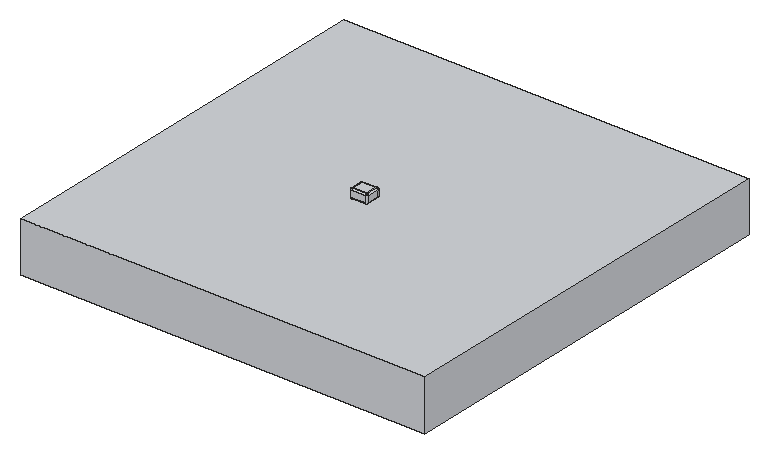
Revit family "Распределительная коробка P100 IP66-67", category Электрические приборы, Revit 2022
Family settings
  Основа = Грань
  Размер круглого соединителя = Использовать диаметр
  Тип детали = Распределительная коробка
  При загрузке вырезать с полостями = Нет
  Сохранять ориентацию аннотаций = Нет
  Общий = Нет
  Точка принадлежности помещению = Нет
Parameters (values of type "Распределительная коробка P100 IP66-67")
  Default Elevation = 1219.2 mm
  Изготовитель = "iPRO"
Reference planes
  plane 1 "По центру (Вперед/Назад)": y = 0
  plane 2: z = 0
  plane 3 "По центру (Влево/Вправо)": x = 0
Forms (mm)
  Extrusion 1, solid
    sketch origin (69.2, 57.909, 0) x (1, 0, 0) y (0, 1, 0)
      loop
        line (-1219.2, 1219.2) -> (-1219.2, -1219.2) -> (1219.2, -1219.2) -> (1219.2, 1219.2) -> (-1219.2, 1219.2)
    from 0 to -304.8
  Extrusion 2, solid
    sketch origin (0, 0, 0) x (1, 0, 0) y (0, 1, 0)
      loop
        line (-47, 36) -> (-47, -36) -> (38, -36) -> (38, 36) -> (-47, 36)
    from 0 to 60
  Extrusion 3, solid
    sketch origin (0, 0, 0) x (1, 0, 0) y (0, 1, 0)
      loop
        arc (48, 36) -> (45.071, 43.071) -> (38, 46) r 10
        line (38, 46) -> (-47, 46) -> (-57, 36) -> (-57, -36) -> (-47, -46) -> (38, -46)
        arc (38, -46) -> (45.071, -43.071) -> (48, -36) r 10
        line (48, -36) -> (48, 36)
    from 10 to 50
  Revolve 4, solid
    sketch origin (-47, 165.185, -8.657) x (0, 1, 0) y (0, 0, 1)
      loop
        line (-129.185, 68.657) -> (-201.185, 68.657) -> (-201.185, 58.657) -> (-129.185, 58.657) -> (-129.185, 68.657)
      axis (-201.185, 58.657) -> (-129.185, 58.657)
    angle from 0 to 90
  Extrusion 5, solid
    sketch origin (-47, 0, 0) x (0, 1, 0) y (0, 0, 1)
      loop
        line (36, 60) -> (36, 50) -> (46, 50) -> (36, 60)
    from 0 to 85
  Extrusion 6, solid
    sketch origin (38, 0, 0) x (0, -1, 0) y (0, 0, 1)
      loop
        line (36, 60) -> (36, 50) -> (46, 50) -> (36, 60)
    from 0 to 85
  Extrusion 7, solid
    sketch origin (2, 49, 0) x (1, 0, 0) y (0, 0, 1)
      loop
        line (36, 60) -> (36, 50) -> (46, 50) -> (36, 60)
    from 13 to 85
  Revolve 8, solid
    sketch origin (-47, 0, 0) x (0, 1, 0) y (0, 0, 1)
      loop
        line (-36, 60) -> (-46, 50) -> (-36, 50) -> (-36, 60)
      axis (-46, 50) -> (-36, 50)
    angle from 0 to 90
  Revolve 9, solid
    sketch origin (-47, 0, 0) x (0, -1, 0) y (0, 0, 1)
      loop
        line (-36, 60) -> (-46, 50) -> (-36, 50) -> (-36, 60)
      axis (-46, 50) -> (-36, 50)
    angle from 0 to -90
  Revolve 10, solid
    sketch origin (38, 14, 14) x (0, 0, -1) y (0, -1, 0)
      loop
        line (-36, 60) -> (-46, 50) -> (-36, 50) -> (-36, 60)
      axis (-46, 50) -> (-36, 50)
    angle from 0 to 90
  Revolve 11, solid
    sketch origin (-12, 36, 14) x (0, 0, -1) y (1, 0, 0)
      loop
        line (-36, 60) -> (-46, 50) -> (-36, 50) -> (-36, 60)
      axis (-46, 50) -> (-36, 50)
    angle from 0 to 90
  Revolve 12, solid
    sketch origin (3, 0, 10) x (0, 1, 0) y (-1, 0, 0)
      loop
        line (-36, 60) -> (-46, 50) -> (-36, 50) -> (-36, 60)
      axis (-46, 50) -> (-36, 50)
    angle from 0 to 90
  Extrusion 13, solid
    sketch origin (38, 14, 46) x (0, 0, -1) y (0, -1, 0)
      loop
        line (36, 60) -> (36, 50) -> (46, 50) -> (36, 60)
    from 0 to 85
  Extrusion 14, solid
    sketch origin (-12, 49, 46) x (0, 0, -1) y (1, 0, 0)
      loop
        line (36, 60) -> (36, 50) -> (46, 50) -> (36, 60)
    from 13 to 85
  Revolve 15, solid
    sketch origin (-12, -36, 46) x (0, 0, 1) y (1, 0, 0)
      loop
        line (-36, 60) -> (-46, 50) -> (-36, 50) -> (-36, 60)
      axis (-46, 50) -> (-36, 50)
    angle from 0 to 90
  Revolve 16, solid
    sketch origin (38, -14, 46) x (0, 0, 1) y (0, 1, 0)
      loop
        line (-36, 60) -> (-46, 50) -> (-36, 50) -> (-36, 60)
      axis (-46, 50) -> (-36, 50)
    angle from 0 to 90
  Extrusion 17, solid
    sketch origin (-47, -14, 46) x (0, 0, -1) y (0, 1, 0)
      loop
        line (36, 60) -> (36, 50) -> (46, 50) -> (36, 60)
    from 0 to 85
  Revolve 18, solid
    sketch origin (3, 0, 10) x (-1, 0, 0) y (0, -1, 0)
      loop
        line (60, -36) -> (50, -36) -> (50, -46) -> (60, -36)
      axis (50, -46) -> (50, -36)
    angle from 90 to 0
  Revolve 19, solid
    sketch origin (11.657, 165.185, 10) x (0, 1, 0) y (-1, 0, 0)
      loop
        line (-129.185, 68.657) -> (-201.185, 68.657) -> (-201.185, 58.657) -> (-129.185, 58.657) -> (-129.185, 68.657)
      axis (-201.185, 58.657) -> (-129.185, 58.657)
    angle from 0 to 90
Lines and regions (mm)
  model lines, not visible
    curve 1: arc (106.699, 31.251, 0) -> (102.928, 41.796, 0) -> (92.653, 46.251, 0) r 14.076
    curve 2: line (106.699, -42.749, 0) -> (106.699, 31.251, 0)
    curve 3: arc (92.692, -57.749, 0) -> (102.653, -53.01, 0) -> (106.699, -42.749, 0) r 15.035
  model lines
    curve 4: line (-42, 36, 0) -> (-42, -36, 0)
    curve 5: line (-42, 36, 0) -> (-42, -36, 0)
Dimensions and locks
  aligned and locked: plane 2 to Extrusion 1
  aligned and locked: level to Extrusion 1
Connectors
  electrical at (-4.5, -46, 30)
    settings: on Extrusion 3, index 1, voltage 0 V, apparent load 0 VA, apparent load phase1 0 VA, apparent load phase2 0 VA, apparent load phase3 0 VA, power factor 1, load classification "Прочее", number of poles 1, system type 31, power factor state 1, is connector primary yes, connector utility no, sub classification motor no, connector description ""
  electrical at (-57, 0, 30)
    settings: on Extrusion 3, index 2, voltage 0 V, apparent load 0 VA, apparent load phase1 0 VA, apparent load phase2 0 VA, apparent load phase3 0 VA, power factor 1, load classification "Прочее", number of poles 1, system type 31, power factor state 1, is connector primary no, connector utility no, sub classification motor no, connector description ""
  electrical at (-4.5, 46, 30)
    settings: on Extrusion 3, index 3, voltage 0 V, apparent load 0 VA, apparent load phase1 0 VA, apparent load phase2 0 VA, apparent load phase3 0 VA, power factor 1, load classification "Прочее", number of poles 1, system type 31, power factor state 1, is connector primary no, connector utility no, sub classification motor no, connector description ""
  electrical at (48, 0, 30)
    settings: on Extrusion 3, index 4, voltage 0 V, apparent load 0 VA, apparent load phase1 0 VA, apparent load phase2 0 VA, apparent load phase3 0 VA, power factor 1, load classification "Прочее", number of poles 1, system type 31, power factor state 1, is connector primary no, connector utility no, sub classification motor no, connector description ""
  electrical at (48, 0, 30)
    settings: on Extrusion 3, index 5, voltage 0 V, apparent load 0 VA, apparent load phase1 0 VA, apparent load phase2 0 VA, apparent load phase3 0 VA, power factor 1, load classification "Прочее", number of poles 1, system type 31, power factor state 1, is connector primary no, connector utility no, sub classification motor no, connector description ""
